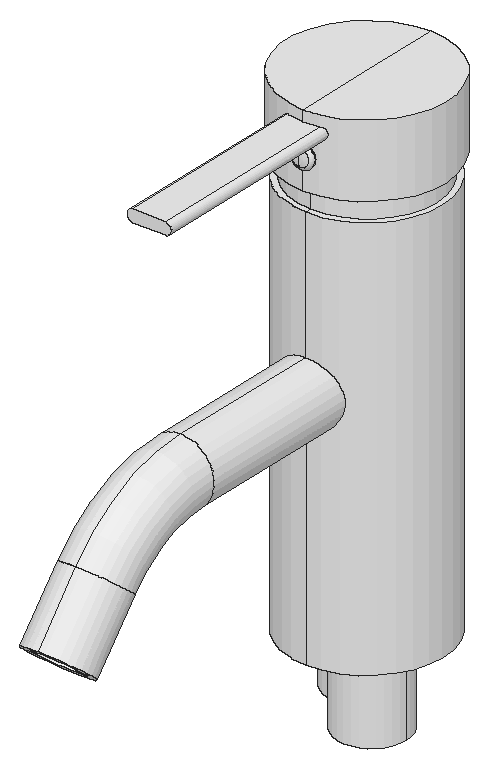
Revit family "Mixer-Basin-Caroma Liano", category Plumbing Fixtures, host Face, Revit 2014
Parameters (values of type "Standard")
  Width_ANZRS = 140 mm  # constant formula
  Waste Connection = no
  WELSRating_ANZRS = "WELS 5 Star rated, 6L/min"  # constant formula
  Vent Connection = no
  URL = "http://specify.caroma.com.au/products/mixer-taps/liano/liano-basin-mixer"
  Type Comments = "Caroma Liano Basin Mixer"  # constant formula
  ModifiedIssue_ANZRS = 20141212.01  # constant formula
  Model = "96142C5A"  # constant formula
  Material_ANZRS = Metal-Chrome-Caroma
  Manufacturer = "GWA Bathrooms & Kitchens"  # constant formula
  Length_ANZRS = 46 mm  # constant formula
  Height_ANZRS = 144 mm  # constant formula
  HWFU = 1.19  # constant formula
  HW Connection = yes
  Description = "Proudly Australian designed, the premium Liano mixer range is guaranteed to meet the latest interior design trends. Square inspired outlets and platemount designs offer a distinctive, high quality look. The lever operation means easy and effortless water control while the ceramic disc core eliminates drips and minimises maintenance."  # constant formula
  Default Elevation = 0 mm
  CreatedBy_ANZRS = "Design Content"  # constant formula
  CreatedByURL_ANZRS = "www.designcontent.com.au"
  Cost = 0
  Connector Radius = 10 mm  # constant formula
  CWFU = 1.19  # constant formula
  CW Connection = yes
  Assembly Code = "D2020300"
Reference planes
  plane 1 "Center (Front/Back)": y = 0
  plane 2: z = 0
  plane 3 "Center (Left/Right)": x = 0
Forms (mm)
  Extrusion 1, solid, material "Metal-Chrome-Caroma" <- "Material_ANZRS"
    sketch origin (14.142, 0, 0) x (1, 0, 0) y (0, 1, 0)
      loop
        circle (-7.071, -7.071) r 10
    from -20 to 0
  Extrusion 2, solid, material "Metal-Chrome-Caroma" <- "Material_ANZRS"
    sketch origin (-14.142, 0, 0) x (-1, 0, 0) y (0, -1, 0)
      loop
        circle (-7.071, -7.071) r 10
    from -20 to 0
  Revolve 3, solid, material "Metal-Chrome-Caroma" <- "Material_ANZRS"
    sketch origin (0, 0, 0) x (0, 1, 0) y (0, 0, 1)
      loop
        line (0, 0) -> (22, 0) -> (22, 117.014) -> (20.214, 117.014) -> (20.214, 124.427)
        arc (20.214, 124.427) -> (18.63, 127.819) -> (16.482, 130.885) r 21.499
        line (16.482, 130.885) -> (0, 130.885) -> (0, 0)
      axis (0, 0) -> (0, 130.885)
    angle from 0 to 360
  Revolve 4, solid, material "Metal-Chrome-Caroma" <- "Material_ANZRS"
    sketch origin (0, 0, -1.5) x (0, 1, 0) y (0, 0, 1)
      loop
        line (-23, 124.55) -> (0, 124.55) -> (0, 145.55) -> (-23, 145.55) -> (-23, 124.55)
      axis (0, 124.55) -> (0, 145.55)
    angle from 0 to 360
  Revolve 5, solid, material "Metal-Chrome-Caroma" <- "Material_ANZRS"
    sketch origin (0, 0, 0) x (0, 1, 0) y (0, 0, 1)
      loop
        line (-24.479, 132.05) -> (-21.446, 132.05) -> (-21.446, 135.406) -> (-23.117, 135.406)
        arc (-23.117, 135.406) -> (-23.755, 135.191) -> (-24.132, 134.632) r 1.053
        arc (-24.132, 134.632) -> (-24.392, 133.352) -> (-24.479, 132.05) r 9.78
      axis (-21.446, 132.05) -> (-24.479, 132.05)
    angle from 0 to 360
  Extrusion 6, void
    sketch origin (0, 0, -1.5) x (0, 1, 0) y (0, 0, 1)
      loop
        line (-6.574, 123.98) -> (24.905, 123.98) -> (24.905, 126.734) -> (-6.574, 123.98)
    from -50 to 50
  Sweep 7, solid, material "Metal-Chrome-Caroma" <- "Material_ANZRS"
    path origin (0, 0, -1.536) x (0, 1, 0) y (0, 0, 1)
      loop
        line (0, 71.536) -> (-67.003, 71.536)
        arc (-67.003, 71.536) -> (-83.908, 67.788) -> (-97.645, 57.247) r 40
        line (-97.645, 57.247) -> (-111.169, 41.129)
    profile origin (0, -33.502, 70) x (0, 0, -1) y (1, 0, 0)
      loop
        circle (0, 0) r 9.5
  Revolve 8, void
    sketch origin (0, 0, -1.536) x (0, 1, 0) y (0, 0, 1)
      loop
        line (-113.431, 38.434) -> (-110.542, 41.878) -> (-116.346, 46.748) -> (-119.236, 43.304) -> (-113.431, 38.434)
      axis (-110.542, 41.878) -> (-113.431, 38.434)
    angle from 0 to 360
  Extrusion 9, solid, material "Metal-Chrome-Caroma" <- "Material_ANZRS"
    sketch origin (0, 0, 0) x (1, 0, 0) y (0, 0, 1)
      loop
        line (4.65, 140.95) -> (-4.65, 140.95)
        arc (-4.65, 140.95) -> (-6.35, 139.25) -> (-4.65, 137.55) r 1.7
        line (-4.65, 137.55) -> (4.65, 137.55)
        arc (4.65, 137.55) -> (6.35, 139.25) -> (4.65, 140.95) r 1.7
    from 0 to 78.441
Cuts and joins
  Extrusion 6 cuts Revolve 4
  Revolve 8 cuts Sweep 7
  joined: Revolve 3, Revolve 4, Revolve 5, Sweep 7, Extrusion 9
Lines and regions (mm)
  Masking region 1
    outline origin (0, 0, 0) x (0, 1, 0) y (0, 0, 1)
      loop
        line (0, 0) -> (22, 0) -> (22, 117.014) -> (20.214, 117.014) -> (20.214, 124.818) -> (23, 125.062) -> (23, 144.05) -> (0, 144.05) -> (-23, 144.05) -> (-23, 140.95) -> (-78.441, 140.95) -> (-78.441, 137.55) -> (-23, 137.55) -> (-23, 123.05) -> (-20.214, 123.05) -> (-20.214, 117.014) -> (-22, 117.014) -> (-22, 79.5) -> (-67.003, 79.5)
        arc (-67.003, 79.5) -> (-87.923, 74.862) -> (-104.923, 61.818) r 49.5
        line (-104.923, 61.818) -> (-118.447, 45.7) -> (-103.892, 33.487) -> (-90.368, 49.605)
        arc (-90.368, 49.605) -> (-79.893, 57.642) -> (-67.003, 60.5) r 30.5
        line (-67.003, 60.5) -> (-22, 60.5) -> (-22, 1.526)
        spline (-22, 1.526) -> (-22.131, 1.5) -> (-22.253, 1.423) -> (-22.358, 1.302) -> (-22.438, 1.144) -> (-22.489, 0.96) -> (-22.506, 0.763) -> (-22.489, 0.565) -> (-22.438, 0.381) -> (-22.358, 0.223) -> (-22.253, 0.102) -> (-22.131, 0.026) -> (-22, 0)
        line (-22, 0) -> (0, 0)
  Masking region 2
    outline origin (0, 0, 0) x (1, 0, 0) y (0, 0, 1)
      loop
        line (0, 0.012) -> (22, 0.012) -> (22, 117.014) -> (20.214, 117.014) -> (20.214, 123.05) -> (23, 123.05) -> (23, 144.05) -> (0, 144.05) -> (-23, 144.05) -> (-23, 123.05) -> (-20.214, 123.05) -> (-20.214, 117.014) -> (-22, 117.014) -> (-22, 0.012) -> (0, 0.012)
  Masking region 3
    outline origin (0, 0, 0) x (1, 0, 0) y (0, 1, 0)
      loop
        arc (9.5, -20.946) -> (0, 23) -> (-9.5, -20.946) r 23
        line (-9.5, -20.946) -> (-9.5, -110.973)
        spline (-9.5, -110.973) -> (-9.176, -112.907) -> (-8.227, -114.71) -> (-6.718, -116.258) -> (-4.75, -117.445) -> (-2.459, -118.192) -> (0, -118.447) -> (2.459, -118.192) -> (4.75, -117.445) -> (6.718, -116.258) -> (8.227, -114.71) -> (9.176, -112.907) -> (9.5, -110.973)
        line (9.5, -110.973) -> (9.5, -20.946)
  symbolic lines, style "Taps/Mixers"
    curve 1: line (0, -23, 123.05) -> (0, 0, 123.05)
    curve 2: line (0, 23, 125.062) -> (0, 0, 123.05)
    curve 3: line (0, -22, 79.5) -> (0, -22, 60.5)
    curve 4: line (0, 22.011, 1.552) -> (0, -22.011, 1.552)
    curve 5: line (0, 20.214, 117.014) -> (0, -20.214, 117.014)
    curve 6: arc (-9.5, 0, 70) -> (0, 0, 79.5) -> (9.5, 0, 70) r 9.5
    curve 7: spline (0, 0, 34.35) -> (-1.961, 0, 34.516) -> (-3.789, 0, 35.002) -> (-5.358, 0, 35.776) -> (-6.562, 0, 36.785) -> (-7.319, 0, 37.96) -> (-7.577, 0, 39.22) -> (-7.319, 0, 40.481) -> (-6.562, 0, 41.656) -> (-5.358, 0, 42.664) -> (-3.789, 0, 43.438) -> (-1.961, 0, 43.925) -> (0, 0, 44.091)
    curve 8: spline (0, 0, 44.091) -> (1.961, 0, 43.925) -> (3.789, 0, 43.438) -> (5.358, 0, 42.664) -> (6.562, 0, 41.656) -> (7.319, 0, 40.481) -> (7.577, 0, 39.22) -> (7.319, 0, 37.96) -> (6.562, 0, 36.785) -> (5.358, 0, 35.776) -> (3.789, 0, 35.002) -> (1.961, 0, 34.516) -> (0, 0, 34.35)
    curve 9: spline (-7.555, 0, 39.595) -> (-7.178, 0, 38.409) -> (-6.359, 0, 37.32) -> (-5.148, 0, 36.395) -> (-3.619, 0, 35.69) -> (-1.867, 0, 35.248) -> (0, 0, 35.098) -> (1.867, 0, 35.248) -> (3.619, 0, 35.69) -> (5.148, 0, 36.395) -> (6.359, 0, 37.32) -> (7.178, 0, 38.409) -> (7.555, 0, 39.595)
    curve 10: line (-9.5, 0, 70) -> (-9.5, 0, 40.05)
    curve 11: line (9.5, 0, 70) -> (9.5, 0, 40.05)
    curve 12: spline (-9.5, 0, 40.05) -> (-9.176, 0, 38.351) -> (-8.227, 0, 36.769) -> (-6.718, 0, 35.41) -> (-4.75, 0, 34.367) -> (-2.459, 0, 33.711) -> (0, 0, 33.487) -> (2.459, 0, 33.711) -> (4.75, 0, 34.367) -> (6.718, 0, 35.41) -> (8.227, 0, 36.769) -> (9.176, 0, 38.351) -> (9.5, 0, 40.05)
    curve 13: line (-20.213, 0, 123.05) -> (20.214, 0, 123.05)
    curve 14: line (20.214, 0, 117.014) -> (-20.214, 0, 117.014)
    curve 15: circle (0, 0, 0) r 23 normal (0, 0, 1)
    curve 16: line (0, -78.441, 0) -> (6.35, -78.441, 0)
    curve 17: line (6.35, -78.441, 0) -> (6.35, -22.106, 0)
    curve 18: line (-6.426, -22.084, 0) -> (-6.426, -78.441, 0)
    curve 19: line (-6.426, -78.441, 0) -> (0, -78.441, 0)
    curve 20: spline (0, -22.525, 137.556) -> (0, -22.434, 137.603) -> (0, -22.35, 137.767) -> (0, -22.277, 138.035) -> (0, -22.22, 138.389) -> (0, -22.185, 138.804) -> (0, -22.173, 139.25) -> (0, -22.185, 139.696) -> (0, -22.22, 140.111) -> (0, -22.277, 140.465) -> (0, -22.35, 140.733) -> (0, -22.434, 140.897) -> (0, -22.525, 140.944)
    curve 21: line (0, -27.908, 140.95) -> (0, -22.507, 140.95)
    curve 22: line (0, -29.113, 137.55) -> (0, -22.584, 137.55)
    curve 23: line (4.65, 0, 140.95) -> (-4.65, 0, 140.95)
    curve 24: arc (-4.65, 0, 140.95) -> (-6.35, 0, 139.25) -> (-4.65, 0, 137.55) r 1.7
    curve 25: line (-4.65, 0, 137.55) -> (4.65, 0, 137.55)
    curve 26: arc (4.65, 0, 137.55) -> (6.35, 0, 139.25) -> (4.65, 0, 140.95) r 1.7
Dimensions and locks
  aligned and locked: plane 2 to host face
  aligned and locked: level to host face
Connectors
  piping at (7.071, -7.071, -20), diameter 20, driven by "Connector Radius", driven by "CWFU"
    settings: on Extrusion 1, index 5, connector inside diameter 0.7874", connector length 0 mm, flow factor 0, pipe flow 0 GPM, pressure drop 0.00 psi, fitting loss kfactor 0, connector angle 0.00°, fixture units 1.19, engagement length 0 mm, angle of deflection 0.00°, flow configuration 3, flow direction 1, fitting loss method 101, system type 20, joint type 0, gender type 0, connector reference index -1, connector utility 0, adjustable connector no, is connector primary yes, connector description ""
  piping at (-7.071, 7.071, -20), diameter 20, driven by "Connector Radius", driven by "HWFU"
    settings: on Extrusion 2, index 6, connector inside diameter 0.7874", connector length 0 mm, flow factor 0, pipe flow 0 GPM, pressure drop 0.00 psi, fitting loss kfactor 0, connector angle 0.00°, fixture units 1.19, engagement length 0 mm, angle of deflection 0.00°, flow configuration 3, flow direction 1, fitting loss method 101, system type 19, joint type 0, gender type 0, connector reference index -1, connector utility 0, adjustable connector no, is connector primary no, connector description ""
